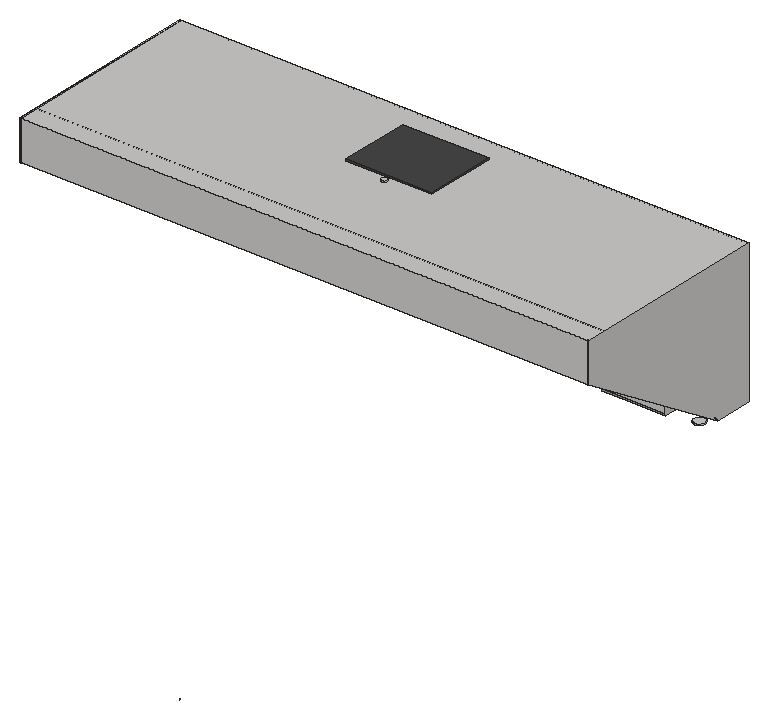
Revit family "QF_ELECTROLUXPROFESSIONAL_644201_AMPV720DT", category Specialty Equipment, Revit 2014
Reference planes
  plane 1: z = 0
  plane 2 "Center (Left/Right)": x = 150
  plane 3 "LEFT": x = -850
  plane 4 "RIGHT": x = 1150
  plane 5 "BACK": y = 550
  plane 6 "Plane": z = 2000
  plane 7 "TOP": z = 2140
  plane 8 "Base": z = 1640
  plane 9: z = 1566
  plane 10 "DrainY": y = 485
  plane 11: x = -847
  plane 12: through (0, 414.509, 1640.8) normal (0, 0.7314, 0.682)
  plane 13: y = 470
  plane 14: y = 220
  plane 15 "DrainX": x = 1030
  plane 16: x = 0
  plane 17: x = 300
  plane 18: x = 1147
  plane 19: x = 940
  plane 20: x = -810
  plane 21: x = 1110
  plane 22: x = -47.5
  plane 23: x = 347.5
  plane 24 "Center (Front/Back)": y = 200
  plane 25 "Front": y = -150
Forms (mm)
  Extrusion 1, solid, material "QF_Finishes_Stainless Steel"
    sketch origin (-850, 0, 0) x (0, 1, 0) y (0, 0, 1)
      loop
        line (550, 1640) -> (550, 2140) -> (-150, 2140) -> (-150, 1999.112) -> (413.973, 1640) -> (550, 1640)
    from 0 to 3
  Extrusion 2, solid, material "QF_Finishes_Stainless Steel"
    sketch origin (150, 0, 0) x (0, 1, 0) y (0, 0, 1)
      loop
        line (415.255, 1640) -> (550, 1640) -> (550, 2139.19) -> (549.2, 2139.19) -> (549.2, 1640.8) -> (415.876, 1640.8) -> (339.347, 1722.867) -> (349.609, 1732.436) -> (348.927, 1733.167) -> (337.934, 1722.917) -> (415.255, 1640)
      loop
        line (-82.203, 2139.19) -> (-82.203, 2118.6) -> (-31.047, 2118.6) -> (34.354, 2048.466) -> (46.028, 2059.352) -> (45.346, 2060.083) -> (34.403, 2049.879) -> (-30.612, 2119.6) -> (-81.203, 2119.6) -> (-81.203, 2139.19) -> (-82.203, 2139.19)
    from -997 to 997
  Extrusion 3, solid, material "QF_Finishes_Stainless Steel"
    sketch origin (1150, 0, 0) x (0, 1, 0) y (0, 0, 1)
      loop
        line (550, 1640) -> (550, 2140) -> (-150, 2140) -> (-150, 1999.112) -> (413.973, 1640) -> (550, 1640)
    from 0 to -3
  Extrusion 4, solid, material "QF_Finishes_Stainless Steel"
    sketch origin (150, 0, 0) x (0, 1, 0) y (0, 0, 1)
      loop
        line (-150, 2140) -> (-150, 2000) -> (-149.2, 2000) -> (-149.2, 2139.19) -> (550, 2139.19) -> (550, 2140) -> (-150, 2140)
    from -1000 to 1000
  Extrusion 5, solid, material "QF_Finishes_Stainless Steel"
    sketch origin (150, 0, 0) x (0, 1, 0) y (0, 0, 1)
      loop
        line (534, 1640) -> (436, 1640) -> (436, 1627) -> (443.5, 1627) -> (443.5, 1576)
        arc (443.5, 1576) -> (446.429, 1568.929) -> (453.5, 1566) r 10
        line (453.5, 1566) -> (516.5, 1566)
        arc (516.5, 1566) -> (523.571, 1568.929) -> (526.5, 1576) r 10
        line (526.5, 1576) -> (526.5, 1627) -> (534, 1627) -> (534, 1640)
    from 790 to 570
  Extrusion 6, solid, material "QF_Finishes_Stainless Steel"
    sketch origin (0, 0, 1640) x (0, 1, 0) y (-1, 0, 0)
      loop
        circle (485, -1030) r 20
    from -76 to -74
  Extrusion 7, solid, material "QF_Finished_Chrome"
    sketch origin (150, 0, 0) x (0, 1, 0) y (0, 0, 1)
      loop
        line (337.934, 1722.917) -> (341.591, 1726.327) -> (38.011, 2051.876) -> (34.354, 2048.466) -> (337.934, 1722.917)
    from -197.5 to -960
  Extrusion 8, solid, material "QF_Finishes_Stainless Steel"
    sketch origin (150, 0, 0) x (0, 1, 0) y (0, 0, 1)
      loop
        line (337.934, 1722.917) -> (341.591, 1726.327) -> (38.011, 2051.876) -> (34.354, 2048.466) -> (337.934, 1722.917)
    from 997 to 960
  Extrusion 9, solid, material "QF_Finished_Chrome"
    sketch origin (150, 0, 0) x (0, 1, 0) y (0, 0, 1)
      loop
        line (341.588, 1726.324) -> (38.009, 2051.874) -> (34.354, 2048.466) -> (337.934, 1722.917) -> (341.588, 1726.324)
    from 197.5 to 960
  Extrusion 10, solid, material "QF_Finishes_Black"
    sketch origin (0, 0, 2140) x (0, 1, 0) y (-1, 0, 0)
      loop
        line (470, -300) -> (470, 0) -> (220, 0) -> (220, -300) -> (470, -300)
    from 5 to 0
  Extrusion 11, solid, material "QF_Finishes_Stainless Steel"
    sketch origin (0, 0, 0) x (1, 0, 0) y (0, 1, 0)
      loop
        line (-850, 550) -> (-850, 549) -> (-849, 549) -> (-849, 550) -> (-850, 550)
    from 0 to 1
  Extrusion 12, solid, material "QF_Finishes_Stainless Steel"
    sketch origin (150, 0, 0) x (0, 1, 0) y (0, 0, 1)
      loop
        line (337.934, 1722.917) -> (341.591, 1726.327) -> (38.011, 2051.876) -> (34.354, 2048.466) -> (337.934, 1722.917)
    from -960 to -997
  Extrusion 13, solid, material "QF_Finishes_Stainless Steel"
    sketch origin (150, 0, 0) x (0, 1, 0) y (0, 0, 1)
      loop
        line (337.934, 1722.917) -> (341.591, 1726.327) -> (38.011, 2051.876) -> (34.354, 2048.466) -> (337.934, 1722.917)
    from 197.5 to -197.5
  Extrusion 14, solid, material "QF_Finishes_Stainless Steel"
    sketch origin (0, 0, 2140) x (0, 1, 0) y (-1, 0, 0)
      loop
        circle (200, -150) r 10
    from 0 to 2
Cuts and joins
  joined: Extrusion 2, Extrusion 4
Lines and regions (mm)
  reference lines
    curve 1: line (150, 34.354, 2048.466) -> (150, 34.354, 1888.466)
  symbolic lines, style "SpecialityEquipment", detail levels coarse
    curve 2: line (1150, 550, 2140) -> (-850, 550, 2140)
    curve 3: line (-850, 550, 2140) -> (-850, -150, 2140)
    curve 4: line (1150, -150, 2140) -> (1150, 550, 2140)
    curve 5: line (-850, -150, 2140) -> (1150, -150, 2140)
    curve 6: line (300, 220, 2140) -> (0, 220, 2140)
    curve 7: line (300, 470, 2140) -> (300, 220, 2140)
    curve 8: line (0, 470, 2140) -> (300, 470, 2140)
    curve 9: line (0, 220, 2140) -> (0, 470, 2140)
  symbolic lines, detail levels coarse
    curve 10: line (-850, -150, 2140) -> (1150, 550, 2140)
    curve 11: line (-850, 550, 2140) -> (1150, -150, 2140)
Dimensions and locks
  plane 3 "LEFT" to plane 4 "RIGHT" = 2000 mm
  equal spacing: plane 3 "LEFT", plane 2 "Center (Left/Right)", plane 4 "RIGHT"
  locked: plane 6 "Plane" to level at 2000
  plane 7 "TOP" to plane 6 "Plane" = 140 mm
  locked: plane 7 "TOP" to plane 8 "Base" at 500
  plane 8 "Base" to plane 9 = 74 mm
  plane 5 "BACK" to plane 10 "DrainY" = 65 mm  (x2)
  plane 3 "LEFT" to plane 11 = 3 mm
  plane 5 "BACK" to plane 13 = 80 mm
  plane 13 to plane 14 = 250 mm  (x2)
  plane 15 "DrainX" to plane 4 "RIGHT" = 120 mm
  plane 18 to plane 4 "RIGHT" = 3 mm
  locked: plane 19 to plane 15 "DrainX" at 90
  plane 13 to plane 5 "BACK" = 80 mm
  locked: plane 3 "LEFT" to plane 20 at 40
  locked: plane 21 to plane 4 "RIGHT" at 40
  locked: plane 22 to plane 23 at 395
  equal spacing: plane 22, plane 2 "Center (Left/Right)", plane 23
  locked: plane 16 to plane 17 at 300
  equal spacing: plane 16, plane 2 "Center (Left/Right)", plane 17
  locked: plane 5 "BACK" to plane 25 "Front" at 700
  equal spacing: plane 5 "BACK", plane 24 "Center (Front/Back)", plane 25 "Front"
  plane 5 "BACK" to plane 25 "Front" = 700 mm
  aligned and locked: level to plane 1
  aligned and locked: Extrusion 2 to Extrusion 1
  aligned and locked: Extrusion 2 to Extrusion 3
  aligned and locked: plane 4 "RIGHT" to Extrusion 4
  aligned and locked: Extrusion 4 to plane 3 "LEFT"
  aligned and locked: plane 18 to Extrusion 8
  aligned and locked: Extrusion 10 to plane 16
  aligned and locked: Extrusion 10 to plane 14
  aligned and locked: Extrusion 10 to plane 13
  aligned and locked: Extrusion 2 to Extrusion 4
  aligned and locked: Extrusion 5 to plane 19
  aligned and locked: Extrusion 8 to plane 21
  aligned and locked: Extrusion 9 to plane 21
  aligned and locked: Extrusion 7 to plane 20
  aligned and locked: Extrusion 12 to plane 11
  aligned and locked: plane 20 to Extrusion 12
  aligned and locked: Extrusion 3 to plane 18
  aligned and locked: Extrusion 10 to plane 17
  aligned and locked: plane 17 to curve 7
  aligned and locked: plane 23 to Extrusion 13
  aligned and locked: Extrusion 13 to plane 22
  aligned and locked: Extrusion 9 to plane 23
Automatic sketch dimensions
  Extrusion 2 sketch curve to plane 12 = 0 mm  (x3)
  Extrusion 2 sketch curve to plane 8 "Base" = 0 mm
  plane 12 to Extrusion 2 sketch curve = 0 mm
  Extrusion 2 sketch curve to plane 5 "BACK" = 0 mm
  Extrusion 2 sketch curve to Extrusion 2 sketch curve = 65.646 mm
  Extrusion 2 sketch curve to Extrusion 2 sketch curve = 0.682 mm  (x2)
  Extrusion 2 sketch curve to Extrusion 2 sketch curve = 10.261 mm
  plane 8 "Base" to Extrusion 2 sketch curve = 82.917 mm
  Extrusion 2 sketch curve to Extrusion 2 sketch curve = 10.942 mm
  Extrusion 2 sketch curve to Extrusion 2 sketch curve = 0.049 mm
  Extrusion 2 sketch curve to plane 7 "TOP" = 20.4 mm
  Extrusion 2 sketch curve to plane 7 "TOP" = 21.4 mm
  Extrusion 2 sketch curve to plane 7 "TOP" = 0.81 mm  (x2)
  Extrusion 2 sketch curve to Extrusion 2 sketch curve = 50.156 mm
  Extrusion 2 sketch curve to Extrusion 2 sketch curve = 1 mm
  plane 8 "Base" to Extrusion 2 sketch curve = 0.8 mm
  Extrusion 2 sketch curve to plane 5 "BACK" = 0.8 mm
  Extrusion 3 sketch curve to plane 8 "Base" = 0 mm
  Extrusion 3 sketch curve to plane 5 "BACK" = 0 mm
  Extrusion 3 sketch curve to plane 7 "TOP" = 0 mm
  plane 13 to Extrusion 3 sketch curve = 56.027 mm
  Extrusion 3 sketch curve to plane 6 "Plane" = 0.888 mm
  Extrusion 4 sketch curve to plane 6 "Plane" = 0 mm
  Extrusion 4 sketch curve to plane 5 "BACK" = 0 mm
  Extrusion 4 sketch curve to plane 7 "TOP" = 0 mm
  Extrusion 4 sketch curve to plane 7 "TOP" = 0.81 mm
  curve 1 to plane 12 = 0 mm
  curve 1 to plane 6 "Plane" = 111.534 mm
  Extrusion 5 sketch curve to plane 8 "Base" = 0 mm
  Extrusion 5 sketch curve to plane 9 = 0 mm
  Extrusion 5 sketch curve to plane 8 "Base" = 13 mm  (x2)
  plane 13 to Extrusion 5 sketch curve = 34 mm
  Extrusion 5 sketch curve to Extrusion 5 sketch curve = 7.5 mm  (x2)
  Extrusion 5 sketch curve to Extrusion 5 sketch curve = 10 mm
  plane 10 "DrainY" to Extrusion 5 sketch curve = 31.5 mm
  Extrusion 5 sketch curve to plane 5 "BACK" = 23.5 mm
  Extrusion 6 sketch curve to plane 10 "DrainY" = 0 mm
  Extrusion 6 sketch curve to plane 15 "DrainX" = 0 mm
  Extrusion 7 sketch curve to plane 12 = 0 mm  (x2)
  Extrusion 7 sketch curve to Extrusion 7 sketch curve = 3.657 mm
  plane 8 "Base" to Extrusion 7 sketch curve = 82.917 mm
  Extrusion 8 sketch curve to plane 12 = 0 mm  (x2)
  Extrusion 8 sketch curve to Extrusion 8 sketch curve = 3.657 mm
  plane 8 "Base" to Extrusion 8 sketch curve = 82.917 mm
  Extrusion 9 sketch curve to plane 12 = 0 mm  (x2)
  Extrusion 9 sketch curve to Extrusion 9 sketch curve = 3.655 mm
  plane 8 "Base" to Extrusion 9 sketch curve = 82.917 mm
  Extrusion 10 sketch curve to plane 14 = 0 mm
  plane 13 to Extrusion 10 sketch curve = 0 mm
  Extrusion 10 sketch curve to plane 17 = 0 mm
  Extrusion 10 sketch curve to plane 16 = 0 mm
  Extrusion 11 sketch curve to plane 3 "LEFT" = 0 mm
  Extrusion 11 sketch curve to plane 5 "BACK" = 0 mm
  plane 3 "LEFT" to Extrusion 11 sketch curve = 1 mm
  Extrusion 11 sketch curve to Extrusion 11 sketch curve = 1 mm
  Extrusion 12 sketch curve to plane 12 = 0 mm  (x2)
  Extrusion 12 sketch curve to Extrusion 12 sketch curve = 3.657 mm
  plane 8 "Base" to Extrusion 12 sketch curve = 82.917 mm
  Extrusion 13 sketch curve to plane 12 = 0 mm  (x2)
  Extrusion 13 sketch curve to Extrusion 13 sketch curve = 3.657 mm
  plane 8 "Base" to Extrusion 13 sketch curve = 82.917 mm
  Extrusion 4 sketch curve to Extrusion 4 sketch curve = 0.8 mm
  plane 6 "Plane" to Extrusion 2 sketch curve = 48.466 mm
  Extrusion 3 sketch curve to plane 14 = 370 mm
  Extrusion 4 sketch curve to plane 14 = 369.2 mm
  curve 1 to plane 14 = 185.646 mm
  plane 6 "Plane" to Extrusion 7 sketch curve = 51.876 mm
  plane 6 "Plane" to Extrusion 8 sketch curve = 51.876 mm
  plane 6 "Plane" to Extrusion 9 sketch curve = 51.874 mm
  plane 6 "Plane" to Extrusion 12 sketch curve = 51.876 mm
  plane 6 "Plane" to Extrusion 13 sketch curve = 51.876 mm
  Extrusion 1 sketch curve to plane 25 "Front" = 0 mm
  Extrusion 1 sketch curve to plane 8 "Base" = 0 mm
  Extrusion 1 sketch curve to plane 5 "BACK" = 0 mm
  Extrusion 1 sketch curve to plane 7 "TOP" = 0 mm
  plane 13 to Extrusion 1 sketch curve = 56.027 mm
  Extrusion 1 sketch curve to plane 6 "Plane" = 0.888 mm
  Extrusion 14 sketch curve to plane 2 "Center (Left/Right)" = 0 mm
  Extrusion 14 sketch curve to plane 24 "Center (Front/Back)" = 0 mm
  curve 10 to plane 3 "LEFT" = 0 mm
  curve 10 to plane 25 "Front" = 0 mm
  curve 7 to plane 14 = 0 mm
  plane 13 to curve 7 = 0 mm
  curve 3 to plane 5 "BACK" = 0 mm
  curve 2 to plane 4 "RIGHT" = 0 mm
  curve 6 to plane 16 = 0 mm
  radius of Extrusion 6 sketch curve = 20 mm
  radius of Extrusion 14 sketch curve = 10 mm
Connectors
  piping at (1030, 485, 1564), diameter 20
    settings: on Extrusion 6, index 1, connector inside diameter 609.6 mm, connector length 0 mm, flow factor 0, pipe flow 0.0 L/s, pressure drop 0.0 Pa, fitting loss kfactor 0, connector angle 0.00°, fixture units 0, engagement length 0 mm, angle of deflection 0.00°, flow configuration 1, flow direction 2, fitting loss method 0, system type 16, joint type 0, gender type 0, connector reference index -1, connector utility 0, adjustable connector no, is connector primary yes, connector description "Drain"
  hvac at (150, 345, 2145)
    settings: on Extrusion 10, index 2, duct flow 0.0 L/s, flow factor 0, pres drop 0.0 Pa, loss coef 0, conn angle 0.00°, conn width 250 mm, conn height 300 mm, conn diameter 609.6 mm, duct sys type 3, conn prof type 1, flow config 0, flow direction 2, loss method 0, conn ref index -1, conn util no, is conn primary yes, conn desc "EXHAUST OUTLET"
  electrical at (150, 200, 2142)
    settings: on Extrusion 14, index 3, voltage 0 V, apparent load 0 VA, apparent load phase1 0 VA, apparent load phase2 0 VA, apparent load phase3 0 VA, power factor 1, load classification "Other", number of poles 1, system type 30, power factor state 1, is connector primary yes, connector utility no, sub classification motor no, connector description "Electrical Connection"
